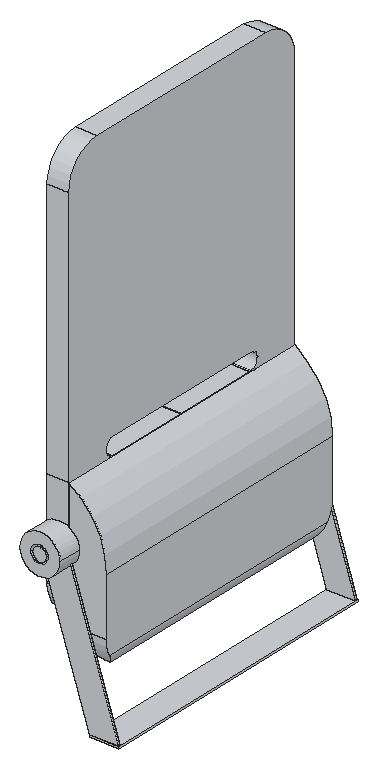
Revit family "2824066", category Generic Models, host Face, Revit 2018
Family settings
  Host = Face
  Can host rebar = No
  Round Connector Dimension = Use Diameter
  Part Type = Normal
  OmniClass Number = 23.80.70.00
  OmniClass Title = Lighting
  Cut with Voids When Loaded = No
  Shared = No
  Room Calculation Point = No
Parameters (values of type "Type Name")
  rotation axis = 142.4 mm
  bracket width = 288 mm
  URL = "http://www.sylvania-lighting.com"
  Type Image = <None>
  Type Comments = "n/a"
  Material_3_SYL = none
  Model = ""
  Manufacturer = "Feilo Sylvania"
  Keynote = ""
  Material_2_SYL = none
  Height = 157.859 mm
  Description = ""
  Default Elevation = 1219.2 mm
  Cost = 0
  Material_1_SYL = none
  Bracket Height = 195 mm
  Assembly Code = ""
  Material_4_SYL = none
Reference planes
  plane 1 "Center (Front/Back)": y = 0
  plane 2: z = 0
  plane 3 "Center (Left/Right)": x = 0
  plane 4: x = -16.5
  plane 5: x = 16.5
  plane 6: z = 155
  plane 7: x = -51.5
  plane 8: z = 137
  plane 9 "Rotation Axis": z = 142.4
  plane 10: z = 152.35
  plane 11: z = 195
  plane 12: x = -73.847
  plane 13: y = -187
  plane 14: y = 187
  plane 15: y = -160
  plane 16: y = 169
  plane 17: y = -169
  plane 18: through (-72.693, -4572, 174.07) normal (-0.3105, 0, 0.9506)
  plane 19: through (-63.557, -4572, 193.954) normal (0.9506, 0, 0.3105)
  plane 20: y = 162
  plane 21: z = 65
Forms (mm)
  Extrusion 1, solid, detail levels medium+fine
    sketch origin (0, 0, 0) x (1, 0, 0) y (0, 1, 0)
      loop
        line (-16.5, 169) -> (-16.5, -169) -> (16.5, -169) -> (16.5, 169) -> (-16.5, 169)
    from 0 to 2
  Extrusion 2, solid, detail levels medium+fine
    sketch origin (1524, -349.9, 1220.035) x (1, 0, 0) y (0, 0, 1)
      loop
        line (-1540.496, -1218.035) -> (-1507.966, -1218.035) -> (-1567.674, -1035.217)
        arc (-1567.674, -1035.217) -> (-1587.557, -1026.081) -> (-1596.693, -1045.965) r 15.473
        line (-1596.693, -1045.965) -> (-1540.496, -1218.035)
    from -180.9 to -182.9
  Extrusion 3, solid, detail levels medium+fine
    sketch origin (0, 0, 0.069) x (1, 0, 0) y (0, 0, 1)
      loop
        line (-16.39, 1.931) -> (16.139, 1.931) -> (-43.636, 184.958)
        arc (-43.636, 184.958) -> (-63.457, 193.922) -> (-72.656, 174.21) r 15.474
        line (-72.656, 174.21) -> (-16.39, 1.931)
    from -169 to -167
  Extrusion 4, solid, detail levels medium+fine
    sketch origin (-6.388, 0, 36.204) x (1, 0, 0) y (0, 0, 1)
      loop
        circle (-51.99, 142.374) r 22.5
    from -162 to -187
  Extrusion 5, solid, detail levels medium+fine
    sketch origin (-6.358, 0, 36.195) x (1, 0, 0) y (0, 0, 1)
      loop
        circle (-51.99, 142.374) r 22.5
    from 160 to 187
  Extrusion 6, void
    sketch origin (-6.256, 0, 44.074) x (1, 0, 0) y (0, 0, 1)
      loop
        circle (-52.373, 134.652) r 10
    from 169 to 187
  Extrusion 7, solid, detail levels fine
    sketch origin (-6.561, 0, 36.201) x (1, 0, 0) y (0, 0, 1)
      loop
        circle (-51.99, 142.374) r 7.5
    from 169 to 187
  Extrusion 8, void
    sketch origin (1517.357, -324.9, 1255.472) x (1, 0, 0) y (0, 0, 1)
      loop
        circle (-1575.99, -1076.826) r 10
    from -511.9 to -493.9
  Extrusion 9, solid, detail levels fine
    sketch origin (1517.42, -324.9, 1255.374) x (1, 0, 0) y (0, 0, 1)
      loop
        circle (-1575.99, -1076.826) r 7.5
    from -511.9 to -493.9
  Revolve 10, solid, not visible, detail levels coarse
    sketch origin (-58.257, 1528.788, 1255.151) x (0, 1, 0) y (0, 0, 1)
      loop
        line (-1362.428, -1054.349) -> (-1379.437, -1054.349) -> (-1379.437, -1074.349) -> (-1362.428, -1074.349) -> (-1362.428, -1054.349)
      axis (-1362.428, -1076.8) -> (-1379.437, -1076.8)
    angle from 0 to 180
Cuts and joins
  Extrusion 6 cuts Extrusion 5
  Extrusion 8 cuts Extrusion 4
Dimensions and locks
  "Bracket Height": plane 11 to level
  plane 17 to plane 16 = 338 mm
  equal spacing: plane 17, plane 1 "Center (Front/Back)", plane 16
  plane 13 to cut or joined group of Extrusion 5, Extrusion 6 = 18 mm
  plane 2 to plane 21 to plane 8 = 65 mm, 72 mm
  aligned and locked: plane 2 to host face
  aligned and locked: level to host face
Automatic sketch dimensions
  host sketch curve to host sketch curve = 2438.4 mm  (x2)
  Extrusion 1 sketch curve to plane 4 = 0 mm
  Extrusion 1 sketch curve to plane 5 = 0 mm
  Extrusion 4 sketch curve to plane 9 "Rotation Axis" = 36.178 mm
  Extrusion 5 sketch curve to plane 9 "Rotation Axis" = 36.169 mm
  Extrusion 6 sketch curve to plane 9 "Rotation Axis" = 36.326 mm
  Extrusion 7 sketch curve to plane 9 "Rotation Axis" = 36.175 mm
  Extrusion 8 sketch curve to plane 9 "Rotation Axis" = 36.246 mm
  Extrusion 9 sketch curve to plane 9 "Rotation Axis" = 36.148 mm
  Revolve 10 sketch curve to plane 9 "Rotation Axis" = 35.951 mm
  Revolve 10 sketch curve to Revolve 10 sketch curve = 17.009 mm
  Revolve 10 sketch curve to plane 9 "Rotation Axis" = 38.402 mm
  plane 6 to Revolve 10 sketch curve = 45.802 mm
  Revolve 10 sketch curve to Revolve 10 sketch curve = 62.43 mm
  Revolve 10 sketch curve to Revolve 10 sketch curve = 22.367 mm
  plane 12 to Extrusion 2 sketch curve = 1.154 mm
  plane 7 to Extrusion 2 sketch curve = 6.684 mm
  Extrusion 2 sketch curve to plane 7 = 7.826 mm
  plane 4 to Extrusion 2 sketch curve = 0.004 mm
  level to Extrusion 2 sketch curve = 2 mm
  plane 6 to Extrusion 2 sketch curve = 19.07 mm
  Extrusion 2 sketch curve to Extrusion 2 sketch curve = 5.374 mm
  Extrusion 2 sketch curve to plane 5 = 0.466 mm
  plane 12 to Extrusion 3 sketch curve = 1.191 mm
  plane 7 to Extrusion 3 sketch curve = 6.582 mm
  Extrusion 3 sketch curve to plane 7 = 7.864 mm
  plane 4 to Extrusion 3 sketch curve = 0.11 mm
  Extrusion 3 sketch curve to plane 5 = 0.361 mm
  level to Extrusion 3 sketch curve = 2 mm
  Extrusion 3 sketch curve to Extrusion 3 sketch curve = 5.202 mm
  Extrusion 3 sketch curve to plane 11 = 9.973 mm
  plane 7 to Extrusion 6 sketch curve = 7.13 mm
  plane 7 to Extrusion 7 sketch curve = 7.051 mm
  plane 7 to Extrusion 9 sketch curve = 7.07 mm
  plane 7 to Extrusion 4 sketch curve = 6.879 mm
  plane 7 to Extrusion 5 sketch curve = 6.848 mm
  plane 7 to Extrusion 8 sketch curve = 7.133 mm
  Extrusion 1 sketch curve to plane 16 = 0 mm
  Revolve 10 sketch curve to plane 20 = 12.649 mm
  Extrusion 1 sketch curve to plane 17 = 0 mm
  radius of Extrusion 4 sketch curve = 22.5 mm
  radius of Extrusion 5 sketch curve = 22.5 mm
  radius of Extrusion 6 sketch curve = 10 mm
  radius of Extrusion 7 sketch curve = 7.5 mm
  radius of Extrusion 8 sketch curve = 10 mm
  radius of Extrusion 9 sketch curve = 7.5 mm
Nested families
  nested 1: "2824066" at (-58.257, -68.124, 319.157) x (0, 1, 0) z (1, 0, 0), type "2824066 RAIDEN IP66 12KLM 840 ASYM"
    with built-in parameter 1114216 (empty or 0)
Definition of nested family "2824066"
  Parameters (values of type "2824066 RAIDEN IP66 12KLM 840 ASYM")
    height = 60 mm
    Width = 319 mm
    Wattage Comments = "n/a"
    Wattage = 9.2903 W
    built-in parameter 1150110 = 1 (stored number, unit not read)
    URL = "0.95"
    Type Image = (empty or 0)
    Type Comments = "n/a"
    built-in parameter 1114217 = 1 (stored number, unit not read)
    Tilt Angle = -90.00°
    built-in parameter 1150109 = 1 (stored number, unit not read)
    built-in parameter 1150134 = 3
    built-in parameter 1150113 = 1 (stored number, unit not read)
    Photometric Web File = "2824066.IES"
    Material_3_SYL = none
    Model = "Raiden IP66 12KLM 840 Asymmetric Wide"
    Manufacturer = ""
    built-in parameter 1150105 = 109.82 (stored number, unit not read)
    Lumens = 1380 lm
    built-in parameter 1150115 = 1 (stored number, unit not read)
    built-in parameter 1150137 = (empty or 0)
    built-in parameter 1150139 = (empty or 0)
    Length = 511 mm
    built-in parameter 1150112 = 1 (stored number, unit not read)
    built-in parameter 1150114 = 1 (stored number, unit not read)
    Lamp = "n/a"
    Keynote = "n/a"
    Material_2_SYL = none
    built-in parameter 1150132 = (empty or 0)
    built-in parameter 1150102 = (empty or 0)
    built-in parameter 1150107 = 3200 (stored number, unit not read)
    built-in parameter 1150138 = (empty or 0)
    built-in parameter 1150106 = 1.0982 (stored number, unit not read)
    Emit from Circle Diameter = 609.6 mm
    Emit Shape Visible in Rendering = no
    built-in parameter 1150104 = 13.8 (stored number, unit not read)
    Dimming Lamp Color Temperature Shift = (empty or 0)
    Description = "Outdoor and indoor floodlight range with in house design, comes complete with 1m flying lead and adjustable bracket, aluminium housing, RAL 9022 - Pearl light grey, clear glass diffuser, IP66, IK08, Class I, 4000K, Non-dimming, 12100lm, 90W, 134lm/W, CRI80, Asymmetric Wide beam angle 110*50°, 100000 hrs L80B50 lifespan, 511x319x76mm (LxWxH) dimensions, 6.1kg weight."
    Default Elevation = 1219.2 mm
    Cost = 0
    Color Filter = 16777215
    built-in parameter 1114216 [instance] = (empty or 0)
    Material_1_SYL = none
    built-in parameter 1114218 = 1 (stored number, unit not read)
    built-in parameter 1150133 = 10 (stored number, unit not read)
    Assembly Code = "D5020200"
    Apparent Load = 90 VA
    Material_4_SYL = none
  Reference planes
    plane 1 "Center (Front/Back)": y = 2.5
    plane 2: z = 0.95
    plane 3 "Center (Left/Right)": x = 68.124
    plane 4: z = -14.05
    plane 5: z = 15.95
    plane 6: x = 227.624
    plane 7: z = 0.95
    plane 8: z = 45.95
    plane 9: x = -91.376
    plane 10: y = -253
    plane 11: y = 258
    plane 12: y = 5.117
    plane 13: y = -56
    plane 14: y = -49.461
    plane 15: x = 175.624
    plane 16: x = -39.376
    plane 17: x = 1.624
    plane 18: y = -226
    plane 19: y = 236
    plane 20: y = -76
    plane 21: y = -16
    plane 22: x = -67.376
    plane 23: y = -213
    plane 24: x = -51.376
    plane 25: x = 187.624
    plane 26: x = 227.624
    plane 27: x = 134.624
  Forms (mm)
    Extrusion 1, solid
      sketch origin (26.073, 0, 0.95) x (1, 0, 0) y (0, 1, 0)
        loop
          line (-1219.2, 1219.2) -> (-1219.2, -1219.2) -> (1219.2, -1219.2) -> (1219.2, 1219.2) -> (-1219.2, 1219.2)
      from 0 to -68.017
    Extrusion 2, solid, detail levels medium+fine
      sketch origin (83.124, -34.451, 0.95) x (1, 0, 0) y (0, 1, 0)
        loop
          line (-174.5, 253) -> (-174.5, -151.549)
          arc (-174.5, -151.549) -> (-162.784, -179.833) -> (-134.5, -191.549) r 40
          line (-134.5, -191.549) -> (104.5, -191.549)
          arc (104.5, -191.549) -> (132.784, -179.833) -> (144.5, -151.549) r 40
          line (144.5, -151.549) -> (144.5, 253)
          arc (144.5, 253) -> (132.784, 281.284) -> (104.5, 293) r 40
          line (104.5, 293) -> (-134.5, 293)
          arc (-134.5, 293) -> (-162.784, 281.284) -> (-174.5, 253) r 40
      from -15 to 9.702
    Extrusion 3, solid, detail levels medium+fine
      sketch origin (402.124, 1489.549, 1205.15) x (0, 1, 0) y (0, 0, 1)
        loop
          line (-1644.468, -1151.519) -> (-1728.014, -1151.519)
          arc (-1728.014, -1151.519) -> (-1739.904, -1157.404) -> (-1742.436, -1170.427) r 14.954
          line (-1742.436, -1170.427) -> (-1715.549, -1219.2) -> (-1565.549, -1219.2) -> (-1565.549, -1194.2)
          arc (-1565.549, -1194.2) -> (-1599.607, -1162.873) -> (-1644.468, -1151.519) r 94.303
      from -493.5 to -174.5
    Extrusion 4, void
      sketch origin (81.72, -11.578, 0.95) x (1, 0, 0) y (0, 1, 0)
        loop
          arc (-149.096, 10.578) -> (-144.703, -0.029) -> (-134.096, -4.422) r 15
          line (-134.096, -4.422) -> (106.904, -4.422)
          arc (106.904, -4.422) -> (117.51, -0.029) -> (121.904, 10.578) r 15
          line (121.904, 10.578) -> (121.904, 232.578)
          arc (121.904, 232.578) -> (117.51, 243.184) -> (106.904, 247.578) r 15
          line (106.904, 247.578) -> (-134.096, 247.578)
          arc (-134.096, 247.578) -> (-144.703, 243.184) -> (-149.096, 232.578) r 15
          line (-149.096, 232.578) -> (-149.096, 10.578)
      from -16.268 to -10.594
    Extrusion 5, solid, detail levels fine
      sketch origin (83.124, 0.218, 0.95) x (1, 0, 0) y (0, 1, 0)
        loop
          arc (-135.5, 235.782) -> (-146.107, 231.388) -> (-150.5, 220.782) r 15
          line (-150.5, 220.782) -> (-150.5, -1.218)
          arc (-150.5, -1.218) -> (-146.107, -11.825) -> (-135.5, -16.218) r 15
          line (-135.5, -16.218) -> (105.5, -16.218)
          arc (105.5, -16.218) -> (116.107, -11.825) -> (120.5, -1.218) r 15
          line (120.5, -1.218) -> (120.5, 220.782)
          arc (120.5, 220.782) -> (116.107, 231.388) -> (105.5, 235.782) r 15
          line (105.5, 235.782) -> (-135.5, 235.782)
      from -12.231 to -10.594
    Extrusion 6, void
      sketch origin (77.188, -64.456, 0.95) x (-0.999994, 0.003504, 0) y (-0.003504, -0.999994, 0)
        loop
          arc (106.512, -8.423) -> (116.512, 1.577) -> (106.512, 11.577) r 10
          line (106.512, 11.577) -> (-88.339, 11.577)
          arc (-88.339, 11.577) -> (-98.339, 1.577) -> (-88.339, -8.423) r 10
          line (-88.339, -8.423) -> (106.512, -8.423)
      from -18.734 to 12.525
    Extrusion 7, void
      sketch origin (68.124, -34.451, 0) x (0, 1, 0) y (0, 0, 1)
        loop
          line (-253.049, 15.95) -> (-253.049, -34.125) -> (-191.549, -30.902) -> (-191.549, 15.95) -> (-253.049, 15.95)
      from 66.5 to 210.265
    Extrusion 8, void
      sketch origin (68.124, -34.451, 0) x (0, 1, 0) y (0, 0, 1)
        loop
          line (-191.549, 15.95) -> (-275.432, 15.95) -> (-275.432, -28.004) -> (-191.549, -28.004) -> (-191.549, 15.95)
      from -190.34 to -66.5
    Extrusion 9, void
      sketch origin (23.624, -126, 0.95) x (1, 0, 0) y (0, 1, 0)
        loop
          line (-115, -60) -> (-115, -100) -> (-75, -100)
          arc (-75, -100) -> (-103.284, -88.284) -> (-115, -60) r 40
      from -22.043 to 15
    Extrusion 10, void
      sketch origin (91.954, 19.065, 0.95) x (1, 0, 0) y (0, 1, 0)
        loop
          line (95.67, -245.065) -> (135.67, -245.065) -> (135.67, -205.065)
          arc (135.67, -205.065) -> (123.954, -233.349) -> (95.67, -245.065) r 40
      from -24.354 to 15
    Extrusion 11, solid, detail levels medium+fine
      sketch origin (1607.216, -359.351, 1205.129) x (1, 0, 0) y (0, 0, 1)
        loop
          circle (-1419.5, -1204.2) r 11
      from -136.15 to -106.464
    Extrusion 12, void
      sketch origin (0, 0, 0.95) x (1, 0, 0) y (0, 1, 0)
        loop
          line (-91.376, -186) -> (-91.376, -226) -> (-51.376, -226)
          arc (-51.376, -226) -> (-79.66, -214.284) -> (-91.376, -186) r 40
      from 0 to 12.525
    Extrusion 13, void
      sketch origin (0, 0, 0.95) x (1, 0, 0) y (0, 1, 0)
        loop
          line (-91.376, -221) -> (-91.376, -261) -> (-51.376, -261)
          arc (-51.376, -261) -> (-79.66, -249.284) -> (-91.376, -221) r 40
      from 0 to 100
    Extrusion 14, void
      sketch origin (0, 0, 0.95) x (1, 0, 0) y (0, 1, 0)
        loop
          arc (227.624, -215.988) -> (215.905, -244.281) -> (187.612, -256) r 40.012
          line (187.612, -256) -> (227.624, -256) -> (227.624, -215.988)
      from 12.525 to 100
    Extrusion 15, solid, detail levels coarse
      sketch origin (0, 0, 0.95) x (1, 0, 0) y (0, 1, 0)
        loop
          line (-91.376, 258.549) -> (-91.376, -252.887) -> (227.624, -252.887) -> (227.624, 258.549) -> (-91.376, 258.549)
      from -15 to 52.681
  Cuts and joins
    Extrusion 4, Extrusion 6, Extrusion 7, Extrusion 8, Extrusion 9, Extrusion 10, Extrusion 12 cuts Extrusion 2
    Extrusion 6, Extrusion 7, Extrusion 8, Extrusion 9, Extrusion 10, Extrusion 12, Extrusion 13, Extrusion 14 cuts Extrusion 3
    Extrusion 14 cuts Extrusion 11
  Dimensions and locks
    "height": plane 4 to plane 8
    "Width": plane 9 to plane 6
    equal spacing: plane 9, plane 3 "Center (Left/Right)", plane 6
    equal spacing: plane 11, plane 1 "Center (Front/Back)", plane 10
    "Length": plane 11 to plane 10
    aligned and locked: plane 2 to Extrusion 1
    aligned and locked: level to Extrusion 1
  Automatic sketch dimensions
    Extrusion 1 sketch curve to Extrusion 1 sketch curve = 2438.4 mm  (x2)
    Extrusion 4 sketch curve to plane 3 "Center (Left/Right)" = 135.5 mm
    Extrusion 4 sketch curve to Extrusion 4 sketch curve = 15 mm  (x3)
    plane 1 "Center (Front/Back)" to Extrusion 4 sketch curve = 18.5 mm
    Extrusion 4 sketch curve to Extrusion 4 sketch curve = 222 mm
    Extrusion 5 sketch curve to plane 3 "Center (Left/Right)" = 135.5 mm
    Extrusion 5 sketch curve to Extrusion 5 sketch curve = 15 mm  (x2)
    plane 1 "Center (Front/Back)" to Extrusion 5 sketch curve = 18.5 mm
    Extrusion 5 sketch curve to Extrusion 5 sketch curve = 222 mm
    Extrusion 7 sketch curve to plane 5 = 0 mm
    Extrusion 7 sketch curve to plane 4 = 16.852 mm
    Extrusion 7 sketch curve to plane 4 = 20.075 mm
    Extrusion 8 sketch curve to plane 5 = 0 mm
    Extrusion 8 sketch curve to plane 4 = 13.954 mm
    Extrusion 8 sketch curve to Extrusion 8 sketch curve = 83.883 mm
    Extrusion 9 sketch curve to plane 3 "Center (Left/Right)" = 159.5 mm
    Extrusion 9 sketch curve to Extrusion 9 sketch curve = 40 mm
    Extrusion 10 sketch curve to plane 6 = 0 mm
    Extrusion 11 sketch curve to level = 0.021 mm
    Extrusion 4 sketch curve to plane 6 = 39 mm  (x2)
    Extrusion 5 sketch curve to plane 6 = 39 mm  (x2)
    Extrusion 5 sketch curve to plane 6 = 24 mm
    Extrusion 10 sketch curve to Extrusion 10 sketch curve = 40 mm
    Extrusion 11 sketch curve to plane 6 = 39.908 mm
    Extrusion 2 sketch curve to plane 9 = 0 mm
    Extrusion 2 sketch curve to plane 6 = 0 mm
    plane 10 to Extrusion 2 sketch curve = 27 mm
    plane 9 to Extrusion 2 sketch curve = 40 mm  (x2)
    Extrusion 2 sketch curve to plane 11 = 39.451 mm  (x2)
    Extrusion 2 sketch curve to plane 6 = 40 mm
    Extrusion 12 sketch curve to plane 9 = 0 mm
    Extrusion 12 sketch curve to plane 18 = 0 mm
    plane 22 to Extrusion 12 sketch curve = 16 mm
    Extrusion 13 sketch curve to plane 9 = 0 mm
    Extrusion 13 sketch curve to plane 24 = 0 mm
    Extrusion 13 sketch curve to plane 23 = 8 mm
    Extrusion 13 sketch curve to plane 10 = 8 mm
    Extrusion 14 sketch curve to plane 25 = 0.012 mm
    Extrusion 14 sketch curve to plane 6 = 0 mm
    Extrusion 14 sketch curve to plane 23 = 2.988 mm
    Extrusion 14 sketch curve to plane 10 = 3 mm
    Extrusion 7 sketch curve to plane 18 = 0 mm
    Extrusion 7 sketch curve to plane 10 = 34.5 mm
    Extrusion 8 sketch curve to plane 18 = 0 mm
    Extrusion 9 sketch curve to plane 18 = 0 mm
    Extrusion 10 sketch curve to plane 18 = 0 mm
    Extrusion 3 sketch curve to plane 4 = 0 mm
    Extrusion 3 sketch curve to plane 18 = 0 mm
    Extrusion 3 sketch curve to plane 20 = 0 mm
    plane 10 to Extrusion 3 sketch curve = 14.535 mm
    plane 10 to Extrusion 3 sketch curve = 0.113 mm
    Extrusion 3 sketch curve to plane 4 = 26.622 mm
    Extrusion 3 sketch curve to plane 8 = 11.227 mm
    Extrusion 3 sketch curve to plane 8 = 7.273 mm
    Extrusion 3 sketch curve to plane 5 = 5 mm
    Extrusion 15 sketch curve to plane 9 = 0 mm
    Extrusion 15 sketch curve to plane 6 = 0 mm
    plane 11 to Extrusion 15 sketch curve = 0.549 mm
    plane 10 to Extrusion 15 sketch curve = 0.113 mm
    Extrusion 6 sketch curve to plane 15 = 10.103 mm
    Extrusion 6 sketch curve to plane 13 = 10.342 mm
    Extrusion 6 sketch curve to Extrusion 6 sketch curve = 194.851 mm
    Extrusion 6 sketch curve to Extrusion 6 sketch curve = 10 mm
    radius of Extrusion 11 sketch curve = 11 mm
  Connectors
    electrical at (187.716, -252.887, 0.929)
      settings: on Extrusion 11, index 1, voltage 0 V, apparent load 0 VA, apparent load phase1 0 VA, apparent load phase2 0 VA, apparent load phase3 0 VA, power factor 1, load classification none, number of poles 1, system type 31, power factor state 1, is connector primary yes, connector utility no, sub classification motor no, connector description ""
